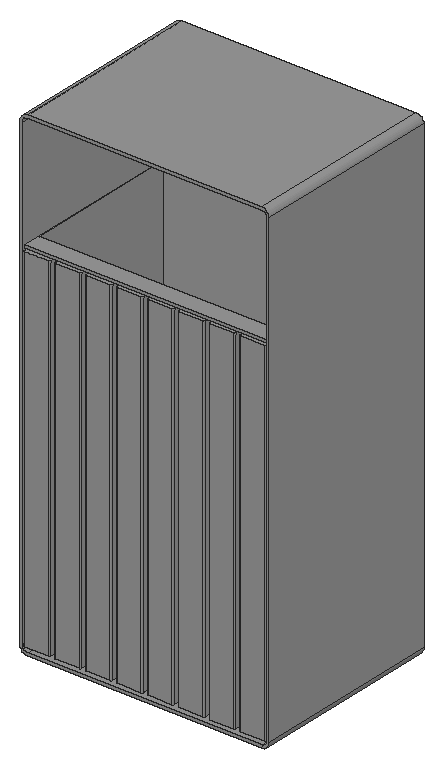
Revit family "Урна «Стефано» Арт 14150", category Антураж, Revit 2018
Family settings
  На основе рабочей плоскости = Нет
  Всегда вертикально = Да
  При загрузке вырезать с полостями = Нет
  Источник визуального образа = Геометрия семейства
  Общий = Нет
  Точка расчета площади = Нет
Parameters (values of type "Урна «Стефано»")
  Ширина = 400 mm  # constant formula
  Цвет урны = Сталь
  Цвет отделки = Дерево
  Описание = "Урна «Стефано»"  # constant formula
  Материал изделия = "Сталь, дерево"  # constant formula
  Изображение типоразмера = Урна «Стефано» Арт 14150.jpg
  Изготовитель = "ООО «Хоббика»"  # constant formula
  Длина = 517 mm  # constant formula
  Группа модели = "Уличные урны"  # constant formula
  Высота = 1005 mm  # constant formula
  Артикул товара = "Арт. 14150"  # constant formula
  URL = "https://hobbyka.ru/product/urna_stefano/"
Reference planes
  plane 1 "По центру (Вперед/Назад)": y = 0
  plane 2: z = 0
  plane 3 "По центру (Влево/Вправо)": x = 0
  plane 4: y = 400
  plane 5: x = 517
  plane 6: z = 1005
Forms (mm)
  Extrusion 1, solid, material "Сталь" <- "Цвет урны"
    sketch origin (0, 0, 0) x (1, 0, 0) y (0, 0, 1)
      loop
        line (0, 990) -> (0, 15)
        arc (0, 15) -> (4.393, 4.393) -> (15, 0) r 15
        line (15, 0) -> (502, 0)
        arc (502, 0) -> (512.607, 4.393) -> (517, 15) r 15
        line (517, 15) -> (517, 990)
        arc (517, 990) -> (512.607, 1000.607) -> (502, 1005) r 15
        line (502, 1005) -> (15, 1005)
        arc (15, 1005) -> (4.393, 1000.607) -> (0, 990) r 15
      loop
        line (15, 5) -> (502, 5)
        arc (502, 5) -> (509.071, 7.929) -> (512, 15) r 10
        line (512, 15) -> (512, 990)
        arc (512, 990) -> (509.071, 997.071) -> (502, 1000) r 10
        line (502, 1000) -> (15, 1000)
        arc (15, 1000) -> (7.929, 997.071) -> (5, 990) r 10
        line (5, 990) -> (5, 15)
        arc (5, 15) -> (7.929, 7.929) -> (15, 5) r 10
    from 0 to -400
  Extrusion 2, solid, material "Сталь" <- "Цвет урны"
    sketch origin (0, 0, 0) x (1, 0, 0) y (0, 1, 0)
      loop
        line (7, 380) -> (7, 20) -> (510, 20) -> (510, 380) -> (7, 380)
    from 35 to 755
  Extrusion 3, void
    sketch origin (0, 0, 0) x (1, 0, 0) y (0, 1, 0)
      loop
        line (508, 360) -> (9, 360) -> (9, 40) -> (508, 40) -> (508, 360)
    from 41.771 to 755
  Extrusion 4, solid, material "Дерево" <- "Цвет отделки"
    sketch origin (0, 0, 0) x (1, 0, 0) y (0, 1, 0)
      loop
        arc (59, 380) -> (61.121, 380.879) -> (62, 383) r 3
        line (62, 383) -> (62, 397)
        arc (62, 397) -> (61.121, 399.121) -> (59, 400) r 3
        line (59, 400) -> (10, 400)
        arc (10, 400) -> (7.879, 399.121) -> (7, 397) r 3
        line (7, 397) -> (7, 383)
        arc (7, 383) -> (7.879, 380.879) -> (10, 380) r 3
        line (10, 380) -> (59, 380)
      loop
        line (74, 380) -> (123, 380)
        arc (123, 380) -> (125.121, 380.879) -> (126, 383) r 3
        line (126, 383) -> (126, 397)
        arc (126, 397) -> (125.121, 399.121) -> (123, 400) r 3
        line (123, 400) -> (74, 400)
        arc (74, 400) -> (71.879, 399.121) -> (71, 397) r 3
        line (71, 397) -> (71, 383)
        arc (71, 383) -> (71.879, 380.879) -> (74, 380) r 3
      loop
        line (138, 380) -> (187, 380)
        arc (187, 380) -> (189.121, 380.879) -> (190, 383) r 3
        line (190, 383) -> (190, 397)
        arc (190, 397) -> (189.121, 399.121) -> (187, 400) r 3
        line (187, 400) -> (138, 400)
        arc (138, 400) -> (135.879, 399.121) -> (135, 397) r 3
        line (135, 397) -> (135, 383)
        arc (135, 383) -> (135.879, 380.879) -> (138, 380) r 3
      loop
        line (202, 380) -> (251, 380)
        arc (251, 380) -> (253.121, 380.879) -> (254, 383) r 3
        line (254, 383) -> (254, 397)
        arc (254, 397) -> (253.121, 399.121) -> (251, 400) r 3
        line (251, 400) -> (202, 400)
        arc (202, 400) -> (199.879, 399.121) -> (199, 397) r 3
        line (199, 397) -> (199, 383)
        arc (199, 383) -> (199.879, 380.879) -> (202, 380) r 3
      loop
        line (266, 380) -> (315, 380)
        arc (315, 380) -> (317.121, 380.879) -> (318, 383) r 3
        line (318, 383) -> (318, 397)
        arc (318, 397) -> (317.121, 399.121) -> (315, 400) r 3
        line (315, 400) -> (266, 400)
        arc (266, 400) -> (263.879, 399.121) -> (263, 397) r 3
        line (263, 397) -> (263, 383)
        arc (263, 383) -> (263.879, 380.879) -> (266, 380) r 3
      loop
        line (330, 380) -> (379, 380)
        arc (379, 380) -> (381.121, 380.879) -> (382, 383) r 3
        line (382, 383) -> (382, 397)
        arc (382, 397) -> (381.121, 399.121) -> (379, 400) r 3
        line (379, 400) -> (330, 400)
        arc (330, 400) -> (327.879, 399.121) -> (327, 397) r 3
        line (327, 397) -> (327, 383)
        arc (327, 383) -> (327.879, 380.879) -> (330, 380) r 3
      loop
        line (394, 380) -> (443, 380)
        arc (443, 380) -> (445.121, 380.879) -> (446, 383) r 3
        line (446, 383) -> (446, 397)
        arc (446, 397) -> (445.121, 399.121) -> (443, 400) r 3
        line (443, 400) -> (394, 400)
        arc (394, 400) -> (391.879, 399.121) -> (391, 397) r 3
        line (391, 397) -> (391, 383)
        arc (391, 383) -> (391.879, 380.879) -> (394, 380) r 3
      loop
        line (458, 380) -> (507, 380)
        arc (507, 380) -> (509.121, 380.879) -> (510, 383) r 3
        line (510, 383) -> (510, 397)
        arc (510, 397) -> (509.121, 399.121) -> (507, 400) r 3
        line (507, 400) -> (458, 400)
        arc (458, 400) -> (455.879, 399.121) -> (455, 397) r 3
        line (455, 397) -> (455, 383)
        arc (455, 383) -> (455.879, 380.879) -> (458, 380) r 3
      loop
        arc (59, 0) -> (61.121, 0.879) -> (62, 3) r 3
        line (62, 3) -> (62, 17)
        arc (62, 17) -> (61.121, 19.121) -> (59, 20) r 3
        line (59, 20) -> (10, 20)
        arc (10, 20) -> (7.879, 19.121) -> (7, 17) r 3
        line (7, 17) -> (7, 3)
        arc (7, 3) -> (7.879, 0.879) -> (10, 0) r 3
        line (10, 0) -> (59, 0)
      loop
        line (74, 0) -> (123, 0)
        arc (123, 0) -> (125.121, 0.879) -> (126, 3) r 3
        line (126, 3) -> (126, 17)
        arc (126, 17) -> (125.121, 19.121) -> (123, 20) r 3
        line (123, 20) -> (74, 20)
        arc (74, 20) -> (71.879, 19.121) -> (71, 17) r 3
        line (71, 17) -> (71, 3)
        arc (71, 3) -> (71.879, 0.879) -> (74, 0) r 3
      loop
        line (138, 0) -> (187, 0)
        arc (187, 0) -> (189.121, 0.879) -> (190, 3) r 3
        line (190, 3) -> (190, 17)
        arc (190, 17) -> (189.121, 19.121) -> (187, 20) r 3
        line (187, 20) -> (138, 20)
        arc (138, 20) -> (135.879, 19.121) -> (135, 17) r 3
        line (135, 17) -> (135, 3)
        arc (135, 3) -> (135.879, 0.879) -> (138, 0) r 3
      loop
        line (202, 0) -> (251, 0)
        arc (251, 0) -> (253.121, 0.879) -> (254, 3) r 3
        line (254, 3) -> (254, 17)
        arc (254, 17) -> (253.121, 19.121) -> (251, 20) r 3
        line (251, 20) -> (202, 20)
        arc (202, 20) -> (199.879, 19.121) -> (199, 17) r 3
        line (199, 17) -> (199, 3)
        arc (199, 3) -> (199.879, 0.879) -> (202, 0) r 3
      loop
        line (266, 0) -> (315, 0)
        arc (315, 0) -> (317.121, 0.879) -> (318, 3) r 3
        line (318, 3) -> (318, 17)
        arc (318, 17) -> (317.121, 19.121) -> (315, 20) r 3
        line (315, 20) -> (266, 20)
        arc (266, 20) -> (263.879, 19.121) -> (263, 17) r 3
        line (263, 17) -> (263, 3)
        arc (263, 3) -> (263.879, 0.879) -> (266, 0) r 3
      loop
        line (330, 0) -> (379, 0)
        arc (379, 0) -> (381.121, 0.879) -> (382, 3) r 3
        line (382, 3) -> (382, 17)
        arc (382, 17) -> (381.121, 19.121) -> (379, 20) r 3
        line (379, 20) -> (330, 20)
        arc (330, 20) -> (327.879, 19.121) -> (327, 17) r 3
        line (327, 17) -> (327, 3)
        arc (327, 3) -> (327.879, 0.879) -> (330, 0) r 3
      loop
        line (394, 0) -> (443, 0)
        arc (443, 0) -> (445.121, 0.879) -> (446, 3) r 3
        line (446, 3) -> (446, 17)
        arc (446, 17) -> (445.121, 19.121) -> (443, 20) r 3
        line (443, 20) -> (394, 20)
        arc (394, 20) -> (391.879, 19.121) -> (391, 17) r 3
        line (391, 17) -> (391, 3)
        arc (391, 3) -> (391.879, 0.879) -> (394, 0) r 3
      loop
        line (458, 0) -> (507, 0)
        arc (507, 0) -> (509.121, 0.879) -> (510, 3) r 3
        line (510, 3) -> (510, 17)
        arc (510, 17) -> (509.121, 19.121) -> (507, 20) r 3
        line (507, 20) -> (458, 20)
        arc (458, 20) -> (455.879, 19.121) -> (455, 17) r 3
        line (455, 17) -> (455, 3)
        arc (455, 3) -> (455.879, 0.879) -> (458, 0) r 3
    from 15 to 750
  Extrusion 5, solid, material "Сталь" <- "Цвет урны"
    sketch origin (0, 0, 0) x (1, 0, 0) y (0, 1, 0)
      loop
        line (7, 397) -> (7, 3) -> (510, 3) -> (510, 397) -> (7, 397)
      loop
        line (9, 360) -> (9, 40) -> (508, 40) -> (508, 360) -> (9, 360)
    from 755 to 760
Cuts and joins
  Extrusion 3 cuts Extrusion 1
  Extrusion 3 cuts Extrusion 2
  joined: Extrusion 2, Extrusion 5
Dimensions and locks
  "Длина": plane 5 to plane 3 "По центру (Влево/Вправо)"
  "Ширина": plane 4 to plane 1 "По центру (Вперед/Назад)"
  "Высота": plane 6 to plane 2
  aligned and locked: level to plane 2
Automatic sketch dimensions
  plane 3 "По центру (Влево/Вправо)" to Extrusion 2 sketch curve = 7 mm
  Extrusion 2 sketch curve to plane 5 = 7 mm
  Extrusion 2 sketch curve to plane 1 "По центру (Вперед/Назад)" = 20 mm
  Extrusion 2 sketch curve to plane 4 = 20 mm
  plane 3 "По центру (Влево/Вправо)" to Extrusion 3 sketch curve = 9 mm
  Extrusion 3 sketch curve to plane 5 = 9 mm
  Extrusion 3 sketch curve to plane 1 "По центру (Вперед/Назад)" = 40 mm
  Extrusion 3 sketch curve to plane 4 = 40 mm
  Extrusion 1 sketch curve to Extrusion 1 sketch curve = 0 mm  (x7)
  Extrusion 1 sketch curve to plane 3 "По центру (Влево/Вправо)" = 0 mm
  Extrusion 1 sketch curve to level = 0 mm
  Extrusion 1 sketch curve to plane 6 = 0 mm
  Extrusion 1 sketch curve to plane 5 = 0 mm
  plane 3 "По центру (Влево/Вправо)" to Extrusion 1 sketch curve = 5 mm
  plane 3 "По центру (Влево/Вправо)" to Extrusion 1 sketch curve = 15 mm
  Extrusion 1 sketch curve to Extrusion 1 sketch curve = 10 mm  (x3)
  plane 1 "По центру (Вперед/Назад)" to Extrusion 4 sketch curve = 0 mm  (x8)
  Extrusion 4 sketch curve to plane 4 = 0 mm  (x8)
  plane 3 "По центру (Влево/Вправо)" to Extrusion 4 sketch curve = 7 mm  (x2)
  Extrusion 4 sketch curve to plane 4 = 3 mm  (x13)
  Extrusion 4 sketch curve to Extrusion 4 sketch curve = 3 mm  (x33)
  Extrusion 4 sketch curve to plane 1 "По центру (Вперед/Назад)" = 17 mm  (x3)
  Extrusion 4 sketch curve to Extrusion 4 sketch curve = 49 mm  (x14)
  Extrusion 4 sketch curve to plane 1 "По центру (Вперед/Назад)" = 3 mm  (x10)
  Extrusion 4 sketch curve to Extrusion 4 sketch curve = 0 mm  (x12)
  Extrusion 4 sketch curve to Extrusion 4 sketch curve = 9 mm  (x14)
  Extrusion 4 sketch curve to plane 4 = 20 mm  (x3)
  Extrusion 4 sketch curve to plane 5 = 10 mm  (x4)
  Extrusion 4 sketch curve to Extrusion 4 sketch curve = 14 mm  (x2)
  Extrusion 4 sketch curve to Extrusion 4 sketch curve = 17 mm  (x2)
  Extrusion 5 sketch curve to plane 1 "По центру (Вперед/Назад)" = 3 mm
  plane 3 "По центру (Влево/Вправо)" to Extrusion 5 sketch curve = 7 mm
  plane 3 "По центру (Влево/Вправо)" to Extrusion 5 sketch curve = 9 mm
  Extrusion 5 sketch curve to plane 5 = 9 mm
  Extrusion 5 sketch curve to plane 4 = 3 mm
  Extrusion 5 sketch curve to plane 5 = 7 mm
  Extrusion 5 sketch curve to Extrusion 5 sketch curve = 37 mm  (x2)
